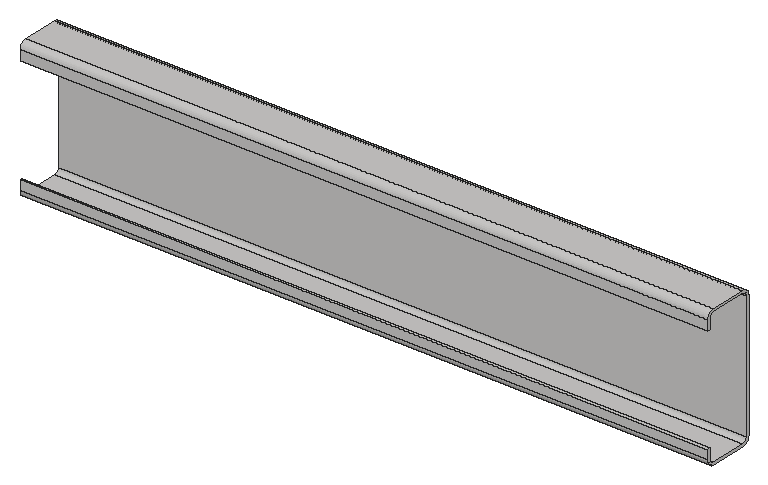
Revit family "0912_Steel Framing_LC", category Structural Framing, Revit 2023
Family settings
  Structural Framing Length Roundoff = 1 mm
  Section Shape = Not Defined
  Material for Model Behavior = Steel
  Always export as geometry = No
  Always vertical = Yes
  Cut with Voids When Loaded = No
  Symbolic Representation = From Project Settings
  Shared = No
  Show family pre-cut in plan views = Yes
Parameters (values of type "H_SB_AR_B04_LC-200x75x25x4.0_GIRTH")
  r = 8 mm
  d = 30 mm
  Type Comments = "SEC."
  Structural Material [instance] = Steel, 45-345
  R = r + tw  # 12 mm
  Perimeter = 2.5591 (stored number, unit not read)
  Nominal Weight = 11.70 kgf/m
  Assembly Code = ""
  Length [instance] = 1000 mm
  B = 90 mm
  H = 250 mm
  tw = 4 mm
  x = 18.6 mm
  A = 1.00 m²
Types (3, lengths in mm): name | d | Type Comments | R | Perimeter | Nominal Weight | B | H | tw
  H_SB_AR_B04_LC-200x75x25x4.0_GIRTH | 30 | "SEC." | 12 | 2.5591 (stored number, unit not read) | 11.70 kgf/m | 90 | 250 | 4
  H_SB_AR_B03_LC-200x75x25x4.0_PURLIN | 25 | "SEC." | 12 | 2.5591 (stored number, unit not read) | 11.70 kgf/m | 75 | 200 | 4
  H_SB_LC-150x50x20x3.2 | 20 | 0 | 11.2 | 0.53 m²/m | 6.76 kgf/m | 50 | 150 | 3.2
Reference planes
  plane 1 "중심(앞/뒤)": y = 0
  plane 2: z = 0
  plane 3 "중심(왼쪽/오른쪽)": x = 0
  plane 4 "왼쪽 부재": x = -614.21
  plane 5 "오른쪽 부재": x = 614.21
  plane 6: y = 18.6
  plane 7: y = -71.4
  plane 8 "상단": z = 125
  plane 9: z = -125
  plane 10 "왼쪽": x = -500
  plane 11 "오른쪽": x = 500
  plane 12: y = 6.6
  plane 13: y = -59.4
  plane 14: z = 95
  plane 15: z = -95
  plane 16: z = 113
  plane 17: z = -113
Forms (mm)
  Sweep 1, solid, material "Steel, 45-345" <- "Structural Material", detail levels medium
    path origin (0, 0, 0) x (1, 0, 0) y (0, 1, 0)
      loop
        line (614.21, 0) -> (-614.21, 0)
    profile origin (0, 0, 0) x (0, -1, 0) y (0, 0, 1)
      loop
        line (-18.6, -125) -> (71.4, -125) -> (71.4, -95) -> (67.4, -95) -> (67.4, -121) -> (-14.6, -121) -> (-14.6, 121) -> (67.4, 121) -> (67.4, 95) -> (71.4, 95) -> (71.4, 125) -> (-18.6, 125) -> (-18.6, -125)
  Sweep 2, solid, material "Steel, 45-345" <- "Structural Material", detail levels fine
    path origin (0, 0, 0) x (1, 0, 0) y (0, 1, 0)
      loop
        line (614.21, 0) -> (-614.21, 0)
    profile origin (0, 0, 0) x (0, -1, 0) y (0, 0, 1)
      loop
        arc (-18.6, -112.5) -> (-14.939, -121.339) -> (-6.1, -125) r 12.5
        line (-6.1, -125) -> (58.9, -125)
        arc (58.9, -125) -> (67.739, -121.339) -> (71.4, -112.5) r 12.5
        line (71.4, -112.5) -> (71.4, -95) -> (67.4, -95) -> (67.4, -113)
        arc (67.4, -113) -> (65.057, -118.657) -> (59.4, -121) r 8
        line (59.4, -121) -> (-6.6, -121)
        arc (-6.6, -121) -> (-12.257, -118.657) -> (-14.6, -113) r 8
        line (-14.6, -113) -> (-14.6, 113)
        arc (-14.6, 113) -> (-12.257, 118.657) -> (-6.6, 121) r 8
        line (-6.6, 121) -> (59.4, 121)
        arc (59.4, 121) -> (65.057, 118.657) -> (67.4, 113) r 8
        line (67.4, 113) -> (67.4, 95) -> (71.4, 95) -> (71.4, 112.5)
        arc (71.4, 112.5) -> (67.739, 121.339) -> (58.9, 125) r 12.5
        line (58.9, 125) -> (-6.1, 125)
        arc (-6.1, 125) -> (-14.939, 121.339) -> (-18.6, 112.5) r 12.5
        line (-18.6, 112.5) -> (-18.6, -112.5)
Lines and regions (mm)
  symbolic lines, style "숨겨진 면", detail levels medium+fine
    curve 1: line (-614.21, 14.6, 0) -> (614.21, 14.6, 0)
    curve 2: line (-614.21, 4.762, 121) -> (614.21, 4.762, 121)
    curve 3: line (-614.21, 4.763, -121) -> (614.21, 4.763, -121)
    curve 9: line (-614.21, -67.4, 0) -> (614.21, -67.4, 0)
    curve 10: line (-614.21, 0, 95) -> (614.21, 0, 95)
    curve 11: line (-614.21, 0, -95) -> (614.21, 0, -95)
  symbolic lines, style "기호 부착", detail levels coarse
    curve 4: line (0, 18.6, 125) -> (0, -71.4, 125)
    curve 5: line (0, 18.6, -125) -> (0, 18.6, 125)
    curve 6: line (0, -71.4, -125) -> (0, 18.6, -125)
    curve 7: line (0, -71.4, -125) -> (0, -71.4, -95)
    curve 8: line (0, -71.4, 95) -> (0, -71.4, 125)
Dimensions and locks
  "B": plane 6 to plane 7
  "H": plane 9 to plane 8 "상단"
  "x": plane 6 to plane 1 "중심(앞/뒤)"
  equal spacing: plane 9, plane 2, plane 8 "상단"
  "Length": plane 10 "왼쪽" to plane 11 "오른쪽"
  "R": plane 6 to plane 12
  "R": plane 13 to plane 7
  "R": plane 8 "상단" to plane 16
  "R": plane 9 to plane 17
  "d": plane 8 "상단" to plane 14
  "d": plane 15 to plane 9
  "tw": Sweep 2 to Sweep 1 sketch curve  (x2)
  "tw": Sweep 1 sketch curve to Sweep 2
  "tw": Sweep 1 sketch curve to Sweep 1 sketch curve  (x2)
  equal spacing: plane 10 "왼쪽", plane 3 "중심(왼쪽/오른쪽)", plane 11 "오른쪽"
  "tw": Sweep 2 sketch curve to Sweep 2 sketch curve  (x5)
  "B": plane 6 to Sweep 2 sketch curve
  "r": radius of Sweep 2 sketch curve  (x4)
  aligned and locked: Sweep 1 sketch curve to plane 1 "중심(앞/뒤)"
  aligned and locked: Sweep 2 sketch curve to plane 1 "중심(앞/뒤)"
  aligned and locked: plane 4 "왼쪽 부재" to Sweep 1 sketch curve
  aligned and locked: plane 5 "오른쪽 부재" to Sweep 1 sketch curve
  aligned and locked: plane 4 "왼쪽 부재" to Sweep 2 sketch curve
  aligned and locked: plane 5 "오른쪽 부재" to Sweep 2 sketch curve
  aligned and locked: plane 4 "왼쪽 부재" to curve 1
  aligned and locked: plane 5 "오른쪽 부재" to curve 1
  aligned and locked: plane 4 "왼쪽 부재" to curve 2
  aligned and locked: plane 5 "오른쪽 부재" to curve 2
  aligned and locked: plane 4 "왼쪽 부재" to curve 3
  aligned and locked: plane 5 "오른쪽 부재" to curve 3
  aligned and locked: Sweep 1 sketch curve to plane 6
  aligned and locked: Sweep 1 sketch curve to plane 8 "상단"
  aligned and locked: Sweep 1 sketch curve to plane 9
  aligned and locked: Sweep 1 sketch curve to plane 7  (x2)
  aligned and locked: Sweep 1 sketch curve to plane 15
  aligned and locked: Sweep 1 sketch curve to plane 14
  aligned and locked: Sweep 2 sketch curve to plane 6
  aligned and locked: Sweep 2 sketch curve to plane 8 "상단"
  aligned and locked: Sweep 2 sketch curve to plane 9
  aligned and locked: Sweep 2 sketch curve to plane 15
  aligned and locked: Sweep 2 sketch curve to plane 14
  aligned and locked: Sweep 2 sketch curve to plane 7
  aligned and locked: curve 8 to Sweep 1
  aligned and locked: plane 15 to curve 7
  aligned and locked: plane 14 to curve 8
  aligned and locked: plane 8 "상단" to curve 8
  aligned and locked: plane 9 to curve 7
  aligned and locked: plane 7 to curve 6
  aligned and locked: plane 6 to curve 6
  aligned and locked: plane 9 to curve 5
  aligned and locked: plane 6 to curve 4
  aligned and locked: plane 7 to curve 4
  aligned and locked: curve 1 to Sweep 1
  aligned and locked: curve 9 to Sweep 2
  aligned and locked: curve 3 to Sweep 1
  aligned and locked: curve 2 to Sweep 1
  aligned and locked: plane 4 "왼쪽 부재" to curve 10
  aligned and locked: plane 5 "오른쪽 부재" to curve 10
  aligned and locked: curve 10 to plane 14
  aligned and locked: plane 4 "왼쪽 부재" to curve 11
  aligned and locked: plane 5 "오른쪽 부재" to curve 11
  aligned and locked: curve 11 to plane 15
Automatic sketch dimensions
  Sweep 2 sketch curve to Sweep 2 sketch curve = 0.5 mm  (x5)
  curve 9 to plane 4 "왼쪽 부재" = 0 mm
  curve 9 to plane 5 "오른쪽 부재" = 0 mm
Types in the file's own list only (29): name | d | R | Perimeter | Nominal Weight | B | H | tw | x
  H_SB_LC-60x30x10x1.6 | 10 mm | 10 mm | 0.28 m²/m | 1.63 kgf/m | 30 mm | 60 mm | 2 mm | 11 mm
  H_SB_LC-60x30x10x2.0 | 10 mm | 10 mm | 0.28 m²/m | 1.99 kgf/m | 30 mm | 60 mm | 2 mm | 11 mm
  H_SB_LC-60x30x10x2.3 | 10 mm | 10 mm | 0.28 m²/m | 2.25 kgf/m | 30 mm | 60 mm | 2 mm | 11 mm
  H_SB_LC-75x45x15x1.6 | 15 mm | 10 mm | 0.39 m²/m | 2.32 kgf/m | 45 mm | 75 mm | 2 mm | 17 mm
  H_SB_LC-75x45x15x2.0 | 15 mm | 10 mm | 0.39 m²/m | 2.86 kgf/m | 45 mm | 75 mm | 2 mm | 17 mm
  H_SB_LC-75x45x15x2.3 | 15 mm | 10 mm | 0.39 m²/m | 3.25 kgf/m | 45 mm | 75 mm | 2 mm | 17 mm
  H_SB_LC-90x45x20x2.0 | 20 mm | 10 mm | 0.44 m²/m | 3.25 kgf/m | 45 mm | 90 mm | 2 mm | 17 mm
  H_SB_LC-90x45x20x2.3 | 20 mm | 10 mm | 0.44 m²/m | 3.70 kgf/m | 45 mm | 90 mm | 2 mm | 17 mm
  H_SB_LC-90x45x20x3.2 | 20 mm | 11 mm | 0.44 m²/m | 5.00 kgf/m | 45 mm | 90 mm | 3 mm | 17 mm
  H_SB_LC-90x50x20x3.2 | 20 mm | 11 mm | 0.46 m²/m | 5.25 kgf/m | 50 mm | 90 mm | 3 mm | 17 mm
  H_SB_LC-100x50x20x1.6 | 20 mm | 10 mm | 0.48 m²/m | 2.88 kgf/m | 50 mm | 100 mm | 2 mm | 19 mm
  H_SB_LC-100x50x20x2.0 | 20 mm | 10 mm | 0.48 m²/m | 3.56 kgf/m | 50 mm | 100 mm | 2 mm | 19 mm
  H_SB_LC-100x50x20x2.3 | 20 mm | 10 mm | 0.48 m²/m | 4.06 kgf/m | 50 mm | 100 mm | 2 mm | 19 mm
  H_SB_LC-100x50x20x2.6 | 20 mm | 11 mm | 0.48 m²/m | 4.55 kgf/m | 50 mm | 100 mm | 3 mm | 19 mm
  H_SB_LC-100x50x20x3.2 | 20 mm | 11 mm | 0.48 m²/m | 5.50 kgf/m | 50 mm | 100 mm | 3 mm | 19 mm
  H_SB_LC-125x50x20x2.0 | 20 mm | 10 mm | 0.53 m²/m | 3.95 kgf/m | 50 mm | 125 mm | 2 mm | 19 mm
  H_SB_LC-125x50x20x2.3 | 20 mm | 10 mm | 0.53 m²/m | 4.51 kgf/m | 50 mm | 125 mm | 2 mm | 19 mm
  H_SB_LC-125x50x20x3.2 | 20 mm | 11 mm | 0.53 m²/m | 6.13 kgf/m | 50 mm | 125 mm | 3 mm | 19 mm
  H_SB_LC-150x65x20x3.2 | 20 mm | 11 mm | 0.53 m²/m | 22.00 kgf/m | 65 mm | 150 mm | 3 mm | 19 mm
  H_SB_LC-150x65x20x4.0 | 20 mm | 12 mm | 0.53 m²/m | 9.00 kgf/m | 65 mm | 150 mm | 4 mm | 19 mm
  H_SB_LC-150x75x25x3.2 | 25 mm | 11 mm | 0.53 m²/m | 10.30 kgf/m | 75 mm | 150 mm | 3 mm | 19 mm
  H_SB_LC-200x75x20x3.2 | 20 mm | 11 mm | 0.78 m²/m | 8.27 kgf/m | 75 mm | 200 mm | 3 mm | 19 mm
  H_SB_LC-200x75x20x4.5 | 20 mm | 13 mm | 0.78 m²/m | 9.27 kgf/m | 75 mm | 200 mm | 5 mm | 19 mm
  H_SB_LC-200x75x20x5.0 | 20 mm | 13 mm | 0.78 m²/m | 12.70 kgf/m | 75 mm | 200 mm | 5 mm | 19 mm
  H_SB_LC-200x75x25x3.2 | 25 mm | 11 mm | 0.78 m²/m | 14.00 kgf/m | 75 mm | 200 mm | 3 mm | 19 mm
  H_SB_LC-200x75x25x4.0 | 25 mm | 12 mm | 0.78 m²/m | 9.52 kgf/m | 75 mm | 200 mm | 4 mm | 19 mm
  H_SB_LC-200x75x25x4.5 | 25 mm | 13 mm | 0.78 m²/m | 11.70 kgf/m | 75 mm | 200 mm | 5 mm | 19 mm
  H_SB_LC-200x80x20x4.0 | 20 mm | 12 mm | 0.90 m²/m | 13.10 kgf/m | 80 mm | 200 mm | 4 mm | 19 mm
  H_SB_LC-200x80x20x4.5 | 20 mm | 13 mm | 0.90 m²/m | 13.30 kgf/m | 80 mm | 200 mm | 5 mm | 19 mm
